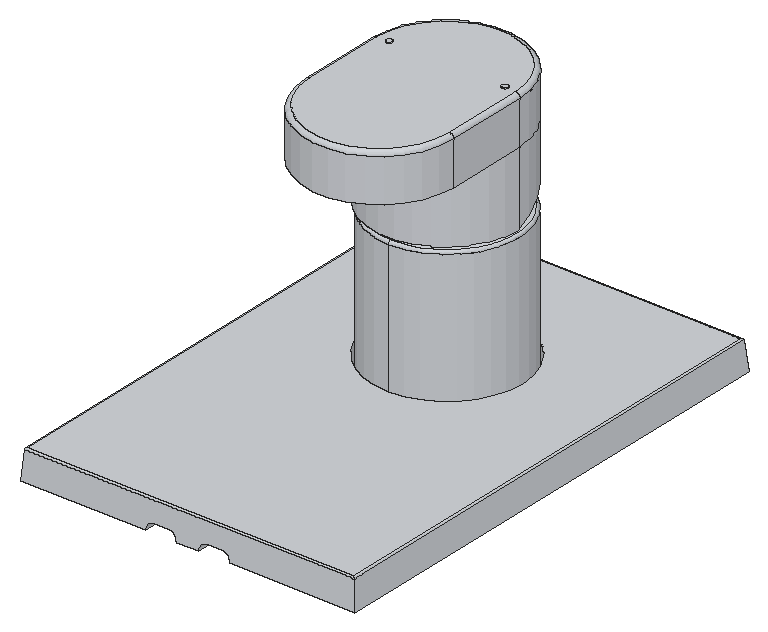
Revit family "Shower-Valve_Trim-KOHLER-OBLO-K-45367T", category Specialty Equipment, host Face, Revit 2017
Family settings
  Host = Face
  Round Connector Dimension = Use Diameter
  Part Type = Normal
  OmniClass Number = 23.31.25.00
  Cut with Voids When Loaded = No
  Shared = No
  Room Calculation Point = No
Parameters (values of type "CP- Polished Chrome")
  Width = 4 115/256"  # constant formula
  WaterSense Certified = 1 = 0  # no
  URL = "http://www.kohler.com.cn/"
  Type = 1
  Product Page URL = "https://www.kohler.com.cn/product/K-45367T-4-CP/K-45367T-4-CP/"
  Product Name = "OBLO"  # constant formula
  Product Documentation Link = "https://files.kohler.com.cn/pdfs/k_45366t.pdf"
  Model = "K-45367T-4-CP"  # constant formula
  Material = "Premium Metal Construction"  # constant formula
  Master Format 2014 Name = "Toilet, Bath, and Laundry Accessories"  # constant formula
  Master Format 2014 = "10 28 00"  # constant formula
  Manufacturer Address = "Kohler Beijing Office (100016)\n36-2-03-B, No. 88, Liuxiang Road, Beijing"  # constant formula
  Manufacturer = "KOHLER Co."  # constant formula
  Length = 3 55/64"  # constant formula
  Height = 6 137/256"  # constant formula
  Finish = Kohler-Metal-CP-Polished_Chrome
  Environmental Product Declaration = ""
  Description = "OBLO® Opel 40mm in-wall shower panel"  # constant formula
  Default Elevation = 42"
  Declare Label = ""
  Date Modified = "04/02/2021"  # constant formula
  Date Created = "04/02/2021"  # constant formula
  Copyright = "Copyright KOHLER Co."  # constant formula
  Contact Us = "http://www.kohler.com.cn/contact/contact-us/"
  Assembly Code = "C1030200"
  ADA Compliant = 1 = 0  # no
Reference planes (in)
  plane 1 "Center (Front/Back)": y = 0
  plane 2: z = 0
  plane 3 "Center (Left/Right)": x = 0
  plane 4: y = 2.22441
  plane 5: x = 2.22441
  plane 6: y = -4.31075
  plane 7: x = -2.22481
  plane 8: y = -2.55906
  plane 9: y = -1.04331
  plane 10: y = 0.96412
  plane 11: y = -2.1052
  plane 12: z = 3.85937
  plane 13: z = 0.3937
Dimensions and locks (in)
  plane 12 to level = 3 55/64"
  "Length": plane 12 to level
  "Width": plane 7 to plane 5
  "Height": plane 6 to plane 4
  aligned and locked: plane 2 to host face
  aligned and locked: level to host face
Automatic sketch dimensions
  host sketch curve to host sketch curve = 96"  (x2)
Nested families (in)
  nested 1: "K-45367T" at (0, 0, 0), type "K-45367T"
Definition of nested family "K-45367T"
  Parameters (values of type "K-45367T")
    Material = none
  Reference planes (in)
    plane 1 "Center (Front/Back)": y = 0
    plane 2: z = 0
    plane 3 "Center (Left/Right)": x = 0
    plane 4: y = 2.22441
    plane 5: x = 2.22441
    plane 6: y = -4.31102
    plane 7: x = -2.22441
    plane 8: y = -1.04331
    plane 9: y = -2.55906
    plane 10: z = 3.85827
    plane 11: z = 0.3937
    plane 12: y = -2.1052
    plane 13: y = 0.96412
  Forms (in)
    Sweep 1, solid, material <- "Material", detail levels medium+fine
      path origin (0, 0, 0) x (1, 0, 0) y (0, 1, 0)
        loop
          line (2.22441, 2.22441) -> (-2.22441, 2.22441) -> (-2.22441, -4.31102) -> (2.22441, -4.31102) -> (2.22441, 2.22441)
      profile origin (0, 2.22441, 0) x (0, -1, 0) y (0, 0, 1)
        loop
          line (0.03278, 0.37473) -> (0, 0) -> (0.19685, 0) -> (0.19685, 0.3937) -> (0.05349, 0.3937)
          arc (0.05349, 0.3937) -> (0.03945, 0.38824) -> (0.03278, 0.37473) r 0.02079
    Extrusion 2, solid, material <- "Material", detail levels medium+fine
      sketch origin (0, 0, 0) x (1, 0, 0) y (0, 1, 0)
        loop
          line (-2.02756, -4.11417) -> (2.02756, -4.11417) -> (2.02756, 2.02756) -> (-2.02756, 2.02756) -> (-2.02756, -4.11417)
        loop
          circle (0, 0) r 1.00394
      from 0 to 0.3937
    Revolve 3, solid, material <- "Material", detail levels medium+fine
      sketch origin (0, 0, 0) x (0, 1, 0) y (0, 0, 1)
        loop
          line (0.96412, 0.11401) -> (0.96412, 2.13017)
          arc (0.96412, 2.13017) -> (0.95598, 2.15413) -> (0.93494, 2.16819) r 0.03937
          line (0.93494, 2.16819) -> (0.86507, 2.18691)
          arc (0.86507, 2.18691) -> (0.823, 2.21474) -> (0.8061, 2.26227) r 0.07958
          arc (0.8061, 2.26227) -> (0.7665, 2.50492) -> (0.66012, 2.72656) r 0.86343
          line (0.66012, 2.72656) -> (0, 2.72656) -> (0, 0.11401) -> (0.96412, 0.11401)
        axis (0, 2.72656) -> (0, 0.11401)
      angle from 0 to 360
    Sweep 4, solid, material <- "Material", detail levels medium+fine
      path origin (0, 0, 0) x (1, 0, 0) y (0, 1, 0)
        loop
          line (-0.98425, -0.02015) -> (-0.98425, -1.12165)
          arc (-0.98425, -1.12165) -> (0, -2.1059) -> (0.98425, -1.12165) r 0.98425
          line (0.98425, -1.12165) -> (0.98425, -0.02015)
          arc (0.98425, -0.02015) -> (0, 0.9641) -> (-0.98425, -0.02015) r 0.98425
      profile origin (0, -2.1059, 0) x (0, 1, 0) y (0, 0, 1)
        loop
          line (0.00069, 3.22441) -> (0.28441, 3.22441) -> (0.28441, 3.85827) -> (0.05975, 3.85827)
          arc (0.05975, 3.85827) -> (0.01799, 3.84097) -> (0.00069, 3.79921) r 0.05906
          line (0.00069, 3.79921) -> (0.00069, 3.22441)
    Extrusion 5, solid, material <- "Material", detail levels medium+fine
      sketch origin (0, 0, 0) x (1, 0, 0) y (0, 1, 0)
        loop
          arc (0.69984, -0.02015) -> (0, 0.67969) -> (-0.69984, -0.02015) r 0.69984
          line (-0.69984, -0.02015) -> (-0.69984, -1.12165)
          arc (-0.69984, -1.12165) -> (0, -1.82149) -> (0.69984, -1.12165) r 0.69984
          line (0.69984, -1.12165) -> (0.69984, -0.02015)
      from 3.22179 to 3.85827
    Extrusion 6, solid, material <- "Material", detail levels medium+fine
      sketch origin (0, 0, 0) x (1, 0, 0) y (0, 1, 0)
        loop
          circle (0, -0.02015) r 0.98356
      from 2.24016 to 3.22441
    Extrusion 7, void
      sketch origin (0, 0, 0) x (0, 1, 0) y (0, 0, 1)
        loop
          line (1.23014, 2.8126) -> (-0.15186, 2.1973) -> (1.23014, 2.1973) -> (1.23014, 2.8126)
      from -1.5748 to 1.5748
    Extrusion 8, solid, material <- "Material", detail levels coarse
      sketch origin (0, 0, 0) x (1, 0, 0) y (0, 1, 0)
        loop
          line (-2.22441, -4.31102) -> (2.22441, -4.31102) -> (2.22441, 2.22441) -> (-2.22441, 2.22441) -> (-2.22441, -4.31102)
      from 0 to 0.59055
    Extrusion 9, solid, material <- "Material", detail levels coarse
      sketch origin (0, 0, 0) x (1, 0, 0) y (0, 1, 0)
        loop
          circle (0, 0) r 1.06299
      from 0 to 3.22441
    Extrusion 10, solid, material <- "Material", detail levels coarse
      sketch origin (0, 0, 0) x (1, 0, 0) y (0, 1, 0)
        loop
          line (-1.06299, 0) -> (-1.06299, -1.15792)
          arc (-1.06299, -1.15792) -> (0, -2.22091) -> (1.06299, -1.15792) r 1.06299
          line (1.06299, -1.15792) -> (1.06299, 0)
          arc (1.06299, 0) -> (0, 1.06299) -> (-1.06299, 0) r 1.06299
      from 3.22441 to 3.90786
    Extrusion 11, void
      sketch origin (0, 0, 0) x (1, 0, 0) y (0, 0, 1)
        loop
          arc (-0.43966, 0.11811) -> (-0.52334, 0.08354) -> (-0.55822, 0) r 0.11856
          line (-0.55822, 0) -> (-0.15044, 0)
          arc (-0.15044, 0) -> (-0.18533, 0.08354) -> (-0.269, 0.11811) r 0.11856
          line (-0.269, 0.11811) -> (-0.43966, 0.11811)
        loop
          line (0.43966, 0.11811) -> (0.269, 0.11811)
          arc (0.269, 0.11811) -> (0.18533, 0.08354) -> (0.15044, 0) r 0.11856
          line (0.15044, 0) -> (0.55822, 0)
          arc (0.55822, 0) -> (0.52334, 0.08354) -> (0.43966, 0.11811) r 0.11856
      from 1.5748 to 4.98487
    Extrusion 12, solid, detail levels medium+fine
      sketch origin (0, 0, 0) x (1, 0, 0) y (0, 1, 0)
        loop
          circle (-0.77022, 0) r 0.03972
      from 3.8189 to 3.85962
    Extrusion 13, solid, detail levels medium+fine
      sketch origin (0, 0, 0) x (-1, 0, 0) y (0, -1, 0)
        loop
          circle (-0.77022, 0) r 0.03972
      from 3.8189 to 3.85962
  Cuts and joins
    Extrusion 11 cuts Sweep 1
    Extrusion 11 cuts Extrusion 2
    Extrusion 11 cuts Revolve 3
    Extrusion 11 cuts Sweep 4
    Extrusion 11 cuts Extrusion 5
    Extrusion 7, Extrusion 11 cuts Extrusion 6
    joined: Sweep 1, Extrusion 2, Revolve 3, Sweep 4, Extrusion 5, Extrusion 6
    Extrusion 11 cuts Extrusion 8
    joined: Extrusion 8, Extrusion 9, Extrusion 10
  Lines and regions (in)
    Masking region 1
      outline origin (0, 0, 0) x (1, 0, 0) y (0, 1, 0)
        loop
          arc (-2.02756, 2.22441) -> (-2.16675, 2.16675) -> (-2.22441, 2.02756) r 0.19685
          line (-2.22441, 2.02756) -> (-2.22441, -4.11417)
          arc (-2.22441, -4.11417) -> (-2.16675, -4.25337) -> (-2.02756, -4.31102) r 0.19685
          line (-2.02756, -4.31102) -> (2.02756, -4.31102)
          arc (2.02756, -4.31102) -> (2.16675, -4.25337) -> (2.22441, -4.11417) r 0.19685
          line (2.22441, -4.11417) -> (2.22441, 2.02756)
          arc (2.22441, 2.02756) -> (2.16675, 2.16675) -> (2.02756, 2.22441) r 0.19685
          line (2.02756, 2.22441) -> (-2.02756, 2.22441)
    Masking region 2
      outline origin (0, 0, 0) x (1, 0, 0) y (0, 0, 1)
        loop
          line (0.92301, 3.85827) -> (-0.92301, 3.85827)
          arc (-0.92301, 3.85827) -> (-0.96582, 3.84053) -> (-0.98356, 3.79772) r 0.06055
          line (-0.98356, 3.79772) -> (-0.98356, 2.26142)
          arc (-0.98356, 2.26142) -> (-0.97733, 2.24639) -> (-0.96229, 2.24016) r 0.02126
          line (-0.96229, 2.24016) -> (-0.81005, 2.24016)
          arc (-0.81005, 2.24016) -> (-0.8332, 2.20525) -> (-0.8699, 2.18506) r 0.0877
          line (-0.8699, 2.18506) -> (-0.9265, 2.1699)
          arc (-0.9265, 2.1699) -> (-0.9542, 2.15139) -> (-0.9649, 2.11985) r 0.05181
          line (-0.9649, 2.11985) -> (-0.9649, 0.50886) -> (-1.11671, 0.49824)
          arc (-1.11671, 0.49824) -> (-1.64358, 0.45364) -> (-2.16892, 0.39364) r 18.06489
          arc (-2.16892, 0.39364) -> (-2.18475, 0.38566) -> (-2.19208, 0.36951) r 0.02668
          line (-2.19208, 0.36951) -> (-2.22441, 0) -> (2.22441, 0) -> (2.19208, 0.36951)
          arc (2.19208, 0.36951) -> (2.18475, 0.38566) -> (2.16892, 0.39364) r 0.02668
          arc (2.16892, 0.39364) -> (1.64358, 0.45364) -> (1.11671, 0.49824) r 18.06489
          line (1.11671, 0.49824) -> (0.9649, 0.50886) -> (0.9649, 2.11985)
          arc (0.9649, 2.11985) -> (0.9542, 2.15139) -> (0.9265, 2.1699) r 0.05181
          line (0.9265, 2.1699) -> (0.8699, 2.18506)
          arc (0.8699, 2.18506) -> (0.8332, 2.20525) -> (0.81005, 2.24016) r 0.0877
          line (0.81005, 2.24016) -> (0.96229, 2.24016)
          arc (0.96229, 2.24016) -> (0.97733, 2.24639) -> (0.98356, 2.26142) r 0.02126
          line (0.98356, 2.26142) -> (0.98356, 3.79772)
          arc (0.98356, 3.79772) -> (0.96582, 3.84053) -> (0.92301, 3.85827) r 0.06055
    Masking region 3
      outline origin (0, 0, 0) x (0, 1, 0) y (0, 0, 1)
        loop
          line (0.90506, 3.85827) -> (-2.04615, 3.85827)
          arc (-2.04615, 3.85827) -> (-2.08791, 3.84097) -> (-2.1052, 3.79921) r 0.05906
          line (-2.1052, 3.79921) -> (-2.1052, 3.28346)
          arc (-2.1052, 3.28346) -> (-2.08791, 3.24171) -> (-2.04615, 3.22441) r 0.05906
          line (-2.04615, 3.22441) -> (-1.39741, 3.22441)
          arc (-1.39741, 3.22441) -> (-1.11902, 3.1091) -> (-1.00371, 2.83071) r 0.3937
          line (-1.00371, 2.83071) -> (-1.00371, 2.752)
          arc (-1.00371, 2.752) -> (-1.04535, 2.62835) -> (-1.00371, 2.50469) r 0.20442
          line (-1.00371, 2.50469) -> (-1.00371, 2.24016) -> (-0.81001, 2.24016)
          arc (-0.81001, 2.24016) -> (-0.831, 2.20615) -> (-0.8658, 2.18651) r 0.08012
          line (-0.8658, 2.18651) -> (-0.93494, 2.16798)
          arc (-0.93494, 2.16798) -> (-0.95598, 2.15392) -> (-0.96412, 2.12996) r 0.03937
          line (-0.96412, 2.12996) -> (-0.96412, 0.53698)
          arc (-0.96412, 0.53698) -> (-2.00454, 0.52749) -> (-3.04395, 0.48073) r 29.02883
          arc (-3.04395, 0.48073) -> (-3.65093, 0.43985) -> (-4.25753, 0.3937) r 69.89901
          arc (-4.25753, 0.3937) -> (-4.27158, 0.38824) -> (-4.27824, 0.37473) r 0.02079
          line (-4.27824, 0.37473) -> (-4.31102, 0) -> (2.22441, 0) -> (2.19163, 0.37473)
          arc (2.19163, 0.37473) -> (2.18496, 0.38824) -> (2.17092, 0.3937) r 0.02079
          arc (2.17092, 0.3937) -> (1.80583, 0.42212) -> (1.4406, 0.44862) r 69.89901
          line (1.4406, 0.44862) -> (0.96412, 0.48193) -> (0.96412, 2.12996)
          arc (0.96412, 2.12996) -> (0.95598, 2.15392) -> (0.93494, 2.16798) r 0.03937
          line (0.93494, 2.16798) -> (0.8658, 2.18651)
          arc (0.8658, 2.18651) -> (0.82338, 2.21459) -> (0.80642, 2.26254) r 0.08012
          arc (0.80642, 2.26254) -> (0.78873, 2.41954) -> (0.74161, 2.57034) r 0.83014
          line (0.74161, 2.57034) -> (0.96412, 2.66941) -> (0.96412, 3.79921)
          arc (0.96412, 3.79921) -> (0.94682, 3.84097) -> (0.90506, 3.85827) r 0.05906
    symbolic lines, detail levels medium+fine
      curve 1: arc (0.98356, -0.02015, 0) -> (0, 0.9634, 0) -> (-0.98356, -0.02015, 0) r 0.98356
      curve 2: line (-0.98356, -0.02015, 0) -> (-0.98356, -1.12165, 0)
      curve 3: line (0.98356, -1.12165, 0) -> (0.98356, -0.02015, 0)
      curve 4: arc (-0.98356, -1.12165, 0) -> (0, -2.1052, 0) -> (0.98356, -1.12165, 0) r 0.98356
      curve 5: arc (-0.98356, -0.20126, 0) -> (0, 1.00394, 0) -> (0.98356, -0.20126, 0) r 1.00394
      curve 6: line (2.02756, 2.14567, 0) -> (-2.02756, 2.14567, 0)
      curve 7: arc (-2.02756, 2.14567, 0) -> (-2.11108, 2.11108, 0) -> (-2.14567, 2.02756, 0) r 0.11811
      curve 8: line (-2.14567, 2.02756, 0) -> (-2.14567, -4.11417, 0)
      curve 9: arc (-2.14567, -4.11417, 0) -> (-2.11108, -4.19769, 0) -> (-2.02756, -4.23228, 0) r 0.11811
      curve 10: line (-2.02756, -4.23228, 0) -> (2.02756, -4.23228, 0)
      curve 11: arc (2.02756, -4.23228, 0) -> (2.11108, -4.19769, 0) -> (2.14567, -4.11417, 0) r 0.11811
      curve 12: line (2.14567, -4.11417, 0) -> (2.14567, 2.02756, 0)
      curve 13: arc (2.14567, 2.02756, 0) -> (2.11108, 2.11108, 0) -> (2.02756, 2.14567, 0) r 0.11811
      curve 14: line (0.9649, 0, 2.11985) -> (-0.9649, 0, 2.11985)
      curve 15: arc (-0.9649, 0, 0.50886) -> (0, 0, 0.52912) -> (0.9649, 0, 0.50886) r 22.98002
      curve 16: line (2.16846, 0, 0.3937) -> (-2.16846, 0, 0.3937)
      curve 17: line (-2.19208, 0, 0.36951) -> (2.19208, 0, 0.36951)
      curve 18: line (0, -1.00371, 2.24016) -> (0, -0.1094, 2.24016)
      curve 19: line (0, 0.96457, 2.66961) -> (0, 0.11467, 2.29121)
      curve 20: arc (0, 0.11467, 2.29121) -> (0, 0.00513, 2.25474) -> (0, -0.1094, 2.24016) r 0.59347
      curve 21: line (0, -0.96412, 2.12996) -> (0, 0.96412, 2.12996)
      curve 22: line (0, 0.80642, 2.26254) -> (0, 0.03564, 2.26254)
      curve 23: line (0, -1.00371, 2.50469) -> (0, -1.00371, 2.752)
      curve 24: line (0, 0.96412, 0.48193) -> (0, -0.96412, 0.53698)
      curve 25: line (0, -2.1052, 3.79921) -> (0, 0.96412, 3.79921)
      curve 26: line (0, -2.1052, 3.28346) -> (0, 0, 3.28346)
      curve 27: line (0, 0, 3.28346) -> (0, 0, 2.25359)
      curve 28: line (0, 0, 2.82131) -> (0, -1.00382, 2.82131)
      curve 29: arc (0, -0.61001, 2.82131) -> (0, -0.62247, 2.92151) -> (0, -0.67734, 3.00628) r 0.22592
      curve 30: arc (0, -0.67734, 3.00628) -> (0, -0.89721, 3.15663) -> (0, -1.15481, 3.22441) r 0.78168
      curve 31: arc (0, -0.16732, 2.82131) -> (0, -0.19341, 2.93901) -> (0, -0.24909, 3.04596) r 0.46171
      curve 32: arc (0, -0.24909, 3.04596) -> (0, -0.32531, 3.12506) -> (0, -0.42211, 3.17696) r 0.35373
      curve 33: arc (0, -0.42211, 3.17696) -> (0, -0.70366, 3.25195) -> (0, -0.9933, 3.28346) r 1.91965
      curve 34: line (0, -1.15481, 3.22441) -> (0, -1.43306, 3.22441)
      curve 35: line (0, 2.17084, 0.3937) -> (0, -4.25745, 0.3937)
      curve 36: line (0, 2.19185, 0.37483) -> (0, -4.27823, 0.37483)
      curve 37: line (-0.98356, 0, 3.79772) -> (0.98356, 0, 3.79772)
      curve 38: line (0.98356, 0, 2.25594) -> (-0.98356, 0, 2.25594)
      curve 39: spline (0.80584, 0, 2.26227) -> (0.79915, 0, 2.30517) -> (0.77876, 0, 2.34734) -> (0.74503, 0, 2.38808) -> (0.69852, 0, 2.42667) -> (0.64003, 0, 2.46247) -> (0.57056, 0, 2.49486) -> (0.4913, 0, 2.52329) -> (0.40361, 0, 2.54727) -> (0.30897, 0, 2.5664) -> (0.20901, 0, 2.58034) -> (0.10543, 0, 2.58886) -> (0, 0, 2.59181)
      curve 40: arc (0.81005, 0, 2.24016) -> (0.80687, 0, 2.25101) -> (0.80584, 0, 2.26227) r 0.05858
      curve 41: spline (-0.80584, 0, 2.26227) -> (-0.79915, 0, 2.30517) -> (-0.77876, 0, 2.34734) -> (-0.74503, 0, 2.38808) -> (-0.69852, 0, 2.42667) -> (-0.64003, 0, 2.46247) -> (-0.57056, 0, 2.49486) -> (-0.4913, 0, 2.52329) -> (-0.40361, 0, 2.54727) -> (-0.30897, 0, 2.5664) -> (-0.20901, 0, 2.58034) -> (-0.10543, 0, 2.58886) -> (0, 0, 2.59181)
      curve 42: arc (-0.81005, 0, 2.24016) -> (-0.80687, 0, 2.25101) -> (-0.80584, 0, 2.26227) r 0.05858
      curve 43: line (0.98356, 0, 2.25594) -> (-0.98356, 0, 2.25594)
      curve 44: circle (-0.77022, 0, 0) r 0.03972 normal (0, 0, 1)
      curve 45: circle (0.77022, 0, 0) r 0.03972 normal (0, 0, 1)
  Dimensions and locks (in)
    aligned and locked: level to plane 2
